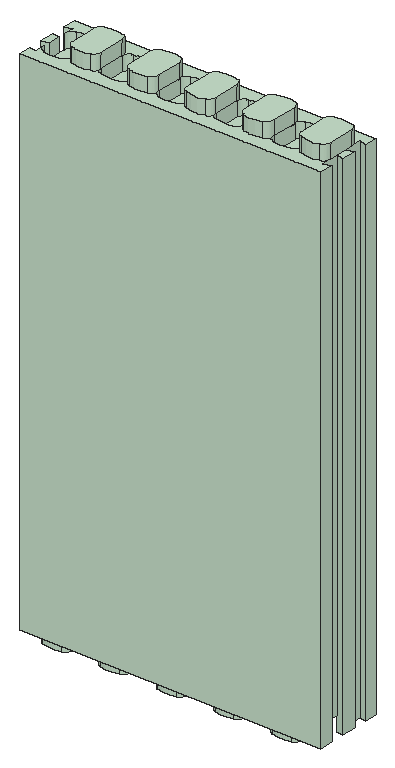
Revit family
Reference planes
  plane 1 "Center (Front/Back)": y = 0
  plane 2: z = 0
  plane 3 "Center (Left/Right)": x = 0
Forms (mm)
  Extrusion 1, solid, material "NUDURA Expanded Polystyrene Foam Insulation"
    sketch origin (-0.316, 0, 0) x (1, 0, 0) y (0, 1, 0)
      loop
        line (-50.8, 0) -> (215.9, 0) -> (215.9, 11.396) -> (209.55, 9.695) -> (209.55, 25.112) -> (215.9, 23.529) -> (215.9, 36.796) -> (209.55, 35.095) -> (209.55, 50.512) -> (215.9, 48.929) -> (215.9, 60.325) -> (-50.8, 60.325) -> (-50.8, 48.929) -> (-44.45, 50.63) -> (-44.45, 35.213) -> (-50.8, 36.796) -> (-50.8, 23.529) -> (-44.45, 25.23) -> (-44.45, 9.813) -> (-50.8, 11.396) -> (-50.8, 0)
    from 0 to 457.2
  Extrusion 2, void
    sketch origin (-0.713, 0, 0) x (1, 0, 0) y (0, 1, 0)
      loop
        arc (75.825, 50.506) -> (75.283, 49.316) -> (74.029, 48.946) r 1.575
        arc (74.029, 48.946) -> (67.927, 49.113) -> (61.943, 47.903) r 26.987
        arc (61.943, 47.903) -> (58.762, 45.597) -> (57.547, 41.861) r 6.35
        line (57.547, 41.861) -> (57.547, 18.464)
        arc (57.547, 18.464) -> (58.762, 14.728) -> (61.943, 12.422) r 6.35
        arc (61.943, 12.422) -> (70.247, 11.112) -> (78.551, 12.422) r 26.987
        arc (78.551, 12.422) -> (81.732, 14.728) -> (82.947, 18.464) r 6.35
        line (82.947, 18.464) -> (82.947, 41.861)
        arc (82.947, 41.861) -> (82.6, 43.93) -> (81.599, 45.773) r 6.35
        arc (81.599, 45.773) -> (81.35, 46.23) -> (81.265, 46.743) r 1.575
        line (81.265, 46.743) -> (81.265, 56.142) -> (75.825, 56.142) -> (75.825, 50.506)
    from 457.2 to 444.5
  Extrusion 3, void
    sketch origin (50.087, 0, 0) x (1, 0, 0) y (0, 1, 0)
      loop
        arc (75.825, 50.506) -> (75.283, 49.316) -> (74.029, 48.946) r 1.575
        arc (74.029, 48.946) -> (67.927, 49.113) -> (61.943, 47.903) r 26.987
        arc (61.943, 47.903) -> (58.762, 45.597) -> (57.547, 41.861) r 6.35
        line (57.547, 41.861) -> (57.547, 18.464)
        arc (57.547, 18.464) -> (58.762, 14.728) -> (61.943, 12.422) r 6.35
        arc (61.943, 12.422) -> (70.247, 11.112) -> (78.551, 12.422) r 26.987
        arc (78.551, 12.422) -> (81.732, 14.728) -> (82.947, 18.464) r 6.35
        line (82.947, 18.464) -> (82.947, 41.861)
        arc (82.947, 41.861) -> (82.6, 43.93) -> (81.599, 45.773) r 6.35
        arc (81.599, 45.773) -> (81.35, 46.23) -> (81.265, 46.743) r 1.575
        line (81.265, 46.743) -> (81.265, 56.142) -> (75.825, 56.142) -> (75.825, 50.506)
    from 457.2 to 444.5
  Extrusion 4, void
    sketch origin (-51.513, 0, 0) x (1, 0, 0) y (0, 1, 0)
      loop
        arc (75.825, 50.506) -> (75.283, 49.316) -> (74.029, 48.946) r 1.575
        arc (74.029, 48.946) -> (67.927, 49.113) -> (61.943, 47.903) r 26.987
        arc (61.943, 47.903) -> (58.762, 45.597) -> (57.547, 41.861) r 6.35
        line (57.547, 41.861) -> (57.547, 18.464)
        arc (57.547, 18.464) -> (58.762, 14.728) -> (61.943, 12.422) r 6.35
        arc (61.943, 12.422) -> (70.247, 11.112) -> (78.551, 12.422) r 26.987
        arc (78.551, 12.422) -> (81.732, 14.728) -> (82.947, 18.464) r 6.35
        line (82.947, 18.464) -> (82.947, 41.861)
        arc (82.947, 41.861) -> (82.6, 43.93) -> (81.599, 45.773) r 6.35
        arc (81.599, 45.773) -> (81.35, 46.23) -> (81.265, 46.743) r 1.575
        line (81.265, 46.743) -> (81.265, 56.142) -> (75.825, 56.142) -> (75.825, 50.506)
    from 457.2 to 444.5
  Extrusion 5, void
    sketch origin (-0.316, 0, 0) x (1, 0, 0) y (0, 1, 0)
      loop
        line (140.472, 50.506) -> (140.472, 56.142) -> (135.032, 56.142) -> (135.032, 46.743)
        arc (135.032, 46.743) -> (134.946, 46.23) -> (134.698, 45.773) r 1.575
        arc (134.698, 45.773) -> (133.696, 43.93) -> (133.35, 41.861) r 6.35
        line (133.35, 41.861) -> (133.35, 18.464)
        arc (133.35, 18.464) -> (134.565, 14.728) -> (137.746, 12.422) r 6.35
        arc (137.746, 12.422) -> (146.05, 11.112) -> (154.354, 12.422) r 26.987
        arc (154.354, 12.422) -> (157.535, 14.728) -> (158.75, 18.464) r 6.35
        line (158.75, 18.464) -> (158.75, 41.861)
        arc (158.75, 41.861) -> (157.535, 45.597) -> (154.354, 47.903) r 6.35
        arc (154.354, 47.903) -> (148.37, 49.113) -> (142.268, 48.946) r 26.987
        arc (142.268, 48.946) -> (141.014, 49.316) -> (140.472, 50.506) r 1.575
      loop
        line (89.672, 50.506) -> (89.672, 56.142) -> (84.232, 56.142) -> (84.232, 46.743)
        arc (84.232, 46.743) -> (84.146, 46.23) -> (83.898, 45.773) r 1.575
        arc (83.898, 45.773) -> (82.896, 43.93) -> (82.55, 41.861) r 6.35
        line (82.55, 41.861) -> (82.55, 18.464)
        arc (82.55, 18.464) -> (83.765, 14.728) -> (86.946, 12.422) r 6.35
        arc (86.946, 12.422) -> (95.25, 11.112) -> (103.554, 12.422) r 26.987
        arc (103.554, 12.422) -> (106.735, 14.728) -> (107.95, 18.464) r 6.35
        line (107.95, 18.464) -> (107.95, 41.861)
        arc (107.95, 41.861) -> (106.735, 45.597) -> (103.554, 47.903) r 6.35
        arc (103.554, 47.903) -> (97.57, 49.113) -> (91.468, 48.946) r 26.987
        arc (91.468, 48.946) -> (90.214, 49.316) -> (89.672, 50.506) r 1.575
      loop
        line (38.872, 50.506) -> (38.872, 56.142) -> (33.432, 56.142) -> (33.432, 46.743)
        arc (33.432, 46.743) -> (33.346, 46.23) -> (33.098, 45.773) r 1.575
        arc (33.098, 45.773) -> (32.096, 43.93) -> (31.75, 41.861) r 6.35
        line (31.75, 41.861) -> (31.75, 18.464)
        arc (31.75, 18.464) -> (32.965, 14.728) -> (36.146, 12.422) r 6.35
        arc (36.146, 12.422) -> (44.45, 11.112) -> (52.754, 12.422) r 26.987
        arc (52.754, 12.422) -> (55.935, 14.728) -> (57.15, 18.464) r 6.35
        line (57.15, 18.464) -> (57.15, 41.861)
        arc (57.15, 41.861) -> (55.935, 45.597) -> (52.754, 47.903) r 6.35
        arc (52.754, 47.903) -> (46.77, 49.113) -> (40.668, 48.946) r 26.987
        arc (40.668, 48.946) -> (39.414, 49.316) -> (38.872, 50.506) r 1.575
      loop
        line (-11.928, 50.506) -> (-11.928, 56.142) -> (-17.368, 56.142) -> (-17.368, 46.743)
        arc (-17.368, 46.743) -> (-17.454, 46.23) -> (-17.702, 45.773) r 1.575
        arc (-17.702, 45.773) -> (-18.704, 43.93) -> (-19.05, 41.861) r 6.35
        line (-19.05, 41.861) -> (-19.05, 18.464)
        arc (-19.05, 18.464) -> (-17.835, 14.728) -> (-14.654, 12.422) r 6.35
        arc (-14.654, 12.422) -> (-6.35, 11.112) -> (1.954, 12.422) r 26.987
        arc (1.954, 12.422) -> (5.135, 14.728) -> (6.35, 18.464) r 6.35
        line (6.35, 18.464) -> (6.35, 41.861)
        arc (6.35, 41.861) -> (5.135, 45.597) -> (1.954, 47.903) r 6.35
        arc (1.954, 47.903) -> (-4.03, 49.113) -> (-10.132, 48.946) r 26.987
        arc (-10.132, 48.946) -> (-11.386, 49.316) -> (-11.928, 50.506) r 1.575
      loop
        line (191.272, 50.506) -> (191.272, 56.142) -> (185.832, 56.142) -> (185.832, 46.743)
        arc (185.832, 46.743) -> (185.746, 46.23) -> (185.498, 45.773) r 1.575
        arc (185.498, 45.773) -> (184.496, 43.93) -> (184.15, 41.861) r 6.35
        line (184.15, 41.861) -> (184.15, 18.464)
        arc (184.15, 18.464) -> (185.365, 14.728) -> (188.546, 12.422) r 6.35
        arc (188.546, 12.422) -> (196.85, 11.112) -> (205.154, 12.422) r 26.987
        arc (205.154, 12.422) -> (208.335, 14.728) -> (209.55, 18.464) r 6.35
        line (209.55, 18.464) -> (209.55, 41.861)
        arc (209.55, 41.861) -> (208.335, 45.597) -> (205.154, 47.903) r 6.35
        arc (205.154, 47.903) -> (199.17, 49.113) -> (193.068, 48.946) r 26.987
        arc (193.068, 48.946) -> (191.814, 49.316) -> (191.272, 50.506) r 1.575
    from 0 to 12.7
  Extrusion 6, void
    sketch origin (100.887, 0, 0) x (1, 0, 0) y (0, 1, 0)
      loop
        arc (75.825, 50.506) -> (75.283, 49.316) -> (74.029, 48.946) r 1.575
        arc (74.029, 48.946) -> (67.927, 49.113) -> (61.943, 47.903) r 26.987
        arc (61.943, 47.903) -> (58.762, 45.597) -> (57.547, 41.861) r 6.35
        line (57.547, 41.861) -> (57.547, 18.464)
        arc (57.547, 18.464) -> (58.762, 14.728) -> (61.943, 12.422) r 6.35
        arc (61.943, 12.422) -> (70.247, 11.112) -> (78.551, 12.422) r 26.987
        arc (78.551, 12.422) -> (81.732, 14.728) -> (82.947, 18.464) r 6.35
        line (82.947, 18.464) -> (82.947, 41.861)
        arc (82.947, 41.861) -> (82.6, 43.93) -> (81.599, 45.773) r 6.35
        arc (81.599, 45.773) -> (81.35, 46.23) -> (81.265, 46.743) r 1.575
        line (81.265, 46.743) -> (81.265, 56.142) -> (75.825, 56.142) -> (75.825, 50.506)
    from 457.2 to 444.5
  Extrusion 7, void
    sketch origin (-102.313, 0, 0) x (1, 0, 0) y (0, 1, 0)
      loop
        arc (75.825, 50.506) -> (75.283, 49.316) -> (74.029, 48.946) r 1.575
        arc (74.029, 48.946) -> (67.927, 49.113) -> (61.943, 47.903) r 26.987
        arc (61.943, 47.903) -> (58.762, 45.597) -> (57.547, 41.861) r 6.35
        line (57.547, 41.861) -> (57.547, 18.464)
        arc (57.547, 18.464) -> (58.762, 14.728) -> (61.943, 12.422) r 6.35
        arc (61.943, 12.422) -> (70.247, 11.112) -> (78.551, 12.422) r 26.987
        arc (78.551, 12.422) -> (81.732, 14.728) -> (82.947, 18.464) r 6.35
        line (82.947, 18.464) -> (82.947, 41.861)
        arc (82.947, 41.861) -> (82.6, 43.93) -> (81.599, 45.773) r 6.35
        arc (81.599, 45.773) -> (81.35, 46.23) -> (81.265, 46.743) r 1.575
        line (81.265, 46.743) -> (81.265, 56.142) -> (75.825, 56.142) -> (75.825, 50.506)
    from 457.2 to 444.5
Cuts and joins
  Extrusion 2, Extrusion 3, Extrusion 4, Extrusion 5, Extrusion 6, Extrusion 7 cuts Extrusion 1
Lines and regions (mm)
  model lines
    curve 1: line (-19.366, 0, 0) -> (-19.366, 0, 457.2)
    curve 2: line (183.834, 0, 457.2) -> (183.834, 0, 0)
Dimensions and locks
  aligned and locked: level to plane 2
Nested families
  nested 1: "Capture Lugs" at (82.234, 142.875, 0), type "Capture Lugs"
  nested 2: "Interlock Tooth" at (31.434, 142.875, 0), type "Interlock Tooth"
  nested 3: "Interlock Tooth" at (82.234, 142.875, 0), type "Interlock Tooth"
  nested 4: "Interlock Tooth" at (133.034, 142.875, 0), type "Interlock Tooth"
  nested 5: "Interlock Tooth" at (107.634, 142.875, -469.9), type "Interlock Tooth"
  nested 6: "Interlock Tooth" at (56.834, 142.875, -469.9), type "Interlock Tooth"
  nested 7: "Interlock Tooth" at (6.034, 142.875, -469.9), type "Interlock Tooth"
  nested 8: "Interlock Tooth" at (158.434, 142.875, -469.9), type "Interlock Tooth"
  nested 9: "Interlock Tooth" at (-19.366, 142.875, 0), type "Interlock Tooth"
  nested 10: "Interlock Tooth" at (-44.766, 142.875, -469.9), type "Interlock Tooth"
  nested 11: "Interlock Tooth" at (183.834, 142.875, 0), type "Interlock Tooth"
  nested 12: "NUDURA Logo Diamond without Outside Line" at (-222.501, 0, 0), type "NUDURA Logo Diamond without Outside Line"
Definition of nested family "Capture Lugs"
  Reference planes
    plane 1 "Center (Front/Back)": y = 0
    plane 2: z = 0
    plane 3 "Center (Left/Right)": x = 0
  Forms (mm)
    Extrusion 1, solid, material "High Density Polystyrene"
      sketch origin (0, 0, 0) x (0, 1, 0) y (0, 0, 1)
        loop
          arc (-82.55, 0) -> (-81.817, 0.502) -> (-81.534, 1.344) r 1.397
          line (-81.534, 1.344) -> (-81.534, 449.4)
          arc (-81.534, 449.4) -> (-81.817, 450.243) -> (-82.55, 450.744) r 1.397
          line (-82.55, 450.744) -> (-82.55, 0)
      from 9.227 to -9.227
    Extrusion 2, solid, material "High Density Polystyrene"
      sketch origin (0, 0, 0) x (0, 1, 0) y (0, 0, 1)
        loop
          line (-81.534, 410.919) -> (-81.534, 380.439) -> (-68.834, 380.439) -> (-68.834, 410.919) -> (-81.534, 410.919)
        loop
          line (-81.534, 361.389) -> (-81.534, 330.909) -> (-68.834, 330.909) -> (-68.834, 361.389) -> (-81.534, 361.389)
        loop
          line (-81.534, 311.859) -> (-81.534, 281.379) -> (-68.834, 281.379) -> (-68.834, 311.859) -> (-81.534, 311.859)
        loop
          line (-81.534, 262.329) -> (-81.534, 234.897) -> (-68.834, 234.897) -> (-68.834, 262.329) -> (-81.534, 262.329)
        loop
          line (-81.534, 215.847) -> (-81.534, 188.415) -> (-68.834, 188.415) -> (-68.834, 215.847) -> (-81.534, 215.847)
        loop
          line (-81.534, 169.365) -> (-81.534, 138.885) -> (-68.834, 138.885) -> (-68.834, 169.365) -> (-81.534, 169.365)
        loop
          line (-81.534, 119.835) -> (-81.534, 89.355) -> (-68.834, 89.355) -> (-68.834, 119.835) -> (-81.534, 119.835)
        loop
          line (-81.534, 70.305) -> (-81.534, 39.825) -> (-68.834, 39.825) -> (-68.834, 70.305) -> (-81.534, 70.305)
      from 6.35 to -6.35
    Extrusion 3, void
      sketch origin (0, 0, 0) x (1, 0, 0) y (0, 1, 0)
        loop
          arc (-6.35, -70.929) -> (-5.736, -69.448) -> (-4.255, -68.834) r 2.095
          line (-4.255, -68.834) -> (-6.35, -68.834) -> (-6.35, -70.929)
      from 0 to 457.2
    Extrusion 4, void
      sketch origin (0, 0, 0) x (-1, 0, 0) y (0, -1, 0)
        loop
          line (-6.35, 70.929) -> (-6.35, 68.834) -> (-4.255, 68.834)
          arc (-4.255, 68.834) -> (-5.736, 69.448) -> (-6.35, 70.929) r 2.095
      from 0 to 457.2
    Extrusion 5, void
      sketch origin (0, 0, 0) x (1, 0, 0) y (0, 1, 0)
        loop
          arc (-1.191, -72.009) -> (0, -78.127) -> (1.191, -72.009) r 3.175
          line (1.191, -72.009) -> (1.191, -68.834) -> (-1.191, -68.834) -> (-1.191, -72.009)
      from 0 to 457.2
  Cuts and joins
    Extrusion 3, Extrusion 4 cuts Extrusion 1
    Extrusion 3, Extrusion 4, Extrusion 5 cuts Extrusion 2
Definition of nested family "Interlock Tooth"
  Reference planes
    plane 1 "Center (Front/Back)": y = 0
    plane 2: z = 0
    plane 3 "Center (Left/Right)": x = 0
    plane 4: z = 457.2
    plane 5: z = 469.9
    plane 6: z = -12.7
  Forms (mm)
    Extrusion 1, solid, material "NUDURA Expanded Polystyrene Foam Insulation"
      sketch origin (0, -225.425, 0) x (1, 0, 0) y (0, 1, 0)
        loop
          arc (0, 101.014) -> (1.215, 97.278) -> (4.396, 94.972) r 6.35
          arc (4.396, 94.972) -> (12.7, 93.663) -> (21.004, 94.972) r 26.988
          arc (21.004, 94.972) -> (24.185, 97.278) -> (25.4, 101.014) r 6.35
          line (25.4, 101.014) -> (25.4, 124.411)
          arc (25.4, 124.411) -> (24.185, 128.147) -> (21.004, 130.453) r 6.35
          arc (21.004, 130.453) -> (12.7, 131.763) -> (4.396, 130.453) r 26.987
          arc (4.396, 130.453) -> (1.215, 128.147) -> (0, 124.411) r 6.35
          line (0, 124.411) -> (0, 101.014)
      from 457.2 to 469.9
  Dimensions and locks
    locked: plane 4 to level at 457.2
    locked: plane 4 to plane 5 at 12.7
    locked: plane 6 to level at 12.7
Definition of nested family "NUDURA Logo Diamond without Outside Line"
  Reference planes
    plane 1 "Center (Front/Back)": y = 0
    plane 2: z = 0
    plane 3 "Center (Left/Right)": x = 0
  Lines and regions (mm)
    model lines
      curve 1: line (320.001, 0, 444.526) -> (311.021, 0, 453.507)
      curve 2: line (313.973, 0, 425.925) -> (320.001, 0, 431.954)
      curve 3: line (320.001, 0, 406.426) -> (313.973, 0, 412.455)
      curve 4: line (313.973, 0, 387.825) -> (320.001, 0, 393.854)
      curve 5: line (320.001, 0, 368.326) -> (313.973, 0, 374.355)
      curve 6: line (313.973, 0, 349.725) -> (320.001, 0, 355.754)
      curve 7: line (309.225, 0, 337.411) -> (322.887, 0, 323.749)
      curve 8: line (322.887, 0, 323.749) -> (324.683, 0, 325.545)
      curve 9: line (286.583, 0, 323.749) -> (300.245, 0, 337.411)
      curve 10: line (295.497, 0, 336.255) -> (284.787, 0, 325.545)
      curve 11: line (289.468, 0, 355.754) -> (295.497, 0, 349.725)
      curve 12: line (295.497, 0, 374.355) -> (289.468, 0, 368.326)
      curve 13: line (289.468, 0, 393.854) -> (295.497, 0, 387.825)
      curve 14: line (295.497, 0, 412.455) -> (289.468, 0, 406.426)
      curve 15: line (289.468, 0, 431.954) -> (295.497, 0, 425.925)
      curve 16: line (298.449, 0, 453.507) -> (289.468, 0, 444.526)
      curve 17: line (300.245, 0, 451.711) -> (291.265, 0, 442.73)
      curve 18: line (318.205, 0, 442.73) -> (309.225, 0, 451.711)
      curve 19: line (309.225, 0, 424.77) -> (318.205, 0, 433.75)
      curve 20: line (291.265, 0, 433.75) -> (300.245, 0, 424.77)
      curve 21: arc (289.468, 0, 444.526) -> (286.865, 0, 438.24) -> (289.468, 0, 431.954) r 8.89
      curve 22: arc (298.449, 0, 453.507) -> (304.735, 0, 456.111) -> (311.021, 0, 453.507) r 8.89
      curve 23: arc (291.265, 0, 442.73) -> (289.405, 0, 438.24) -> (291.265, 0, 433.75) r 6.35
      curve 24: arc (318.205, 0, 442.73) -> (320.065, 0, 438.24) -> (318.205, 0, 433.75) r 6.35
      curve 25: arc (309.225, 0, 424.77) -> (304.735, 0, 422.91) -> (300.245, 0, 424.77) r 6.35
      curve 26: arc (300.245, 0, 451.711) -> (304.735, 0, 453.571) -> (309.225, 0, 451.711) r 6.35
      curve 27: arc (320.001, 0, 444.526) -> (322.605, 0, 438.24) -> (320.001, 0, 431.954) r 8.89
      curve 28: arc (295.497, 0, 425.925) -> (298.287, 0, 419.19) -> (295.497, 0, 412.455) r 9.525
      curve 29: arc (313.973, 0, 425.925) -> (311.183, 0, 419.19) -> (313.973, 0, 412.455) r 9.525
      curve 30: line (313.973, 0, 387.825) -> (320.001, 0, 393.854)
      curve 31: line (289.468, 0, 393.854) -> (295.497, 0, 387.825)
      curve 32: line (300.245, 0, 413.611) -> (291.265, 0, 404.63)
      curve 33: line (318.205, 0, 404.63) -> (309.225, 0, 413.611)
      curve 34: line (309.225, 0, 386.67) -> (318.205, 0, 395.65)
      curve 35: line (291.265, 0, 395.65) -> (300.245, 0, 386.67)
      curve 36: arc (289.468, 0, 406.426) -> (286.865, 0, 400.14) -> (289.468, 0, 393.854) r 8.89
      curve 37: arc (291.265, 0, 404.63) -> (289.405, 0, 400.14) -> (291.265, 0, 395.65) r 6.35
      curve 38: arc (318.205, 0, 404.63) -> (320.065, 0, 400.14) -> (318.205, 0, 395.65) r 6.35
      curve 39: arc (309.225, 0, 386.67) -> (304.735, 0, 384.81) -> (300.245, 0, 386.67) r 6.35
      curve 40: arc (300.245, 0, 413.611) -> (304.735, 0, 415.471) -> (309.225, 0, 413.611) r 6.35
      curve 41: arc (320.001, 0, 406.426) -> (322.605, 0, 400.14) -> (320.001, 0, 393.854) r 8.89
      curve 42: line (295.497, 0, 412.455) -> (289.468, 0, 406.426)
      curve 43: line (320.001, 0, 406.426) -> (313.973, 0, 412.455)
      curve 44: arc (295.497, 0, 387.825) -> (298.287, 0, 381.09) -> (295.497, 0, 374.355) r 9.525
      curve 45: arc (313.973, 0, 387.825) -> (311.183, 0, 381.09) -> (313.973, 0, 374.355) r 9.525
      curve 46: line (313.973, 0, 349.725) -> (320.001, 0, 355.754)
      curve 47: line (289.468, 0, 355.754) -> (295.497, 0, 349.725)
      curve 48: line (300.245, 0, 375.511) -> (291.265, 0, 366.53)
      curve 49: line (318.205, 0, 366.53) -> (309.225, 0, 375.511)
      curve 50: line (309.225, 0, 348.57) -> (318.205, 0, 357.55)
      curve 51: line (291.265, 0, 357.55) -> (300.245, 0, 348.57)
      curve 52: arc (289.468, 0, 368.326) -> (286.865, 0, 362.04) -> (289.468, 0, 355.754) r 8.89
      curve 53: arc (291.265, 0, 366.53) -> (289.405, 0, 362.04) -> (291.265, 0, 357.55) r 6.35
      curve 54: arc (318.205, 0, 366.53) -> (320.065, 0, 362.04) -> (318.205, 0, 357.55) r 6.35
      curve 55: arc (309.225, 0, 348.57) -> (304.735, 0, 346.71) -> (300.245, 0, 348.57) r 6.35
      curve 56: arc (300.245, 0, 375.511) -> (304.735, 0, 377.371) -> (309.225, 0, 375.511) r 6.35
      curve 57: arc (320.001, 0, 368.326) -> (322.605, 0, 362.04) -> (320.001, 0, 355.754) r 8.89
      curve 58: line (295.497, 0, 374.355) -> (289.468, 0, 368.326)
      curve 59: arc (295.497, 0, 349.725) -> (298.287, 0, 342.99) -> (295.497, 0, 336.255) r 9.525
      curve 60: arc (313.973, 0, 349.725) -> (311.183, 0, 342.99) -> (313.973, 0, 336.255) r 9.525
      curve 61: line (324.683, 0, 325.545) -> (313.973, 0, 336.255)
      curve 62: line (284.787, 0, 325.545) -> (286.583, 0, 323.749)
      curve 63: arc (300.245, 0, 337.411) -> (304.735, 0, 339.271) -> (309.225, 0, 337.411) r 6.35
      curve 64: line (320.001, 0, 12.854) -> (311.021, 0, 3.874)
      curve 65: line (313.973, 0, 31.455) -> (320.001, 0, 25.426)
      curve 66: line (320.001, 0, 50.954) -> (313.973, 0, 44.925)
      curve 67: line (313.973, 0, 69.555) -> (320.001, 0, 63.526)
      curve 68: line (320.001, 0, 89.054) -> (313.973, 0, 83.025)
      curve 69: line (313.973, 0, 107.655) -> (320.001, 0, 101.626)
      curve 70: line (309.225, 0, 119.97) -> (322.887, 0, 133.632)
      curve 71: line (322.887, 0, 133.632) -> (324.683, 0, 131.836)
      curve 72: line (286.583, 0, 133.632) -> (300.245, 0, 119.97)
      curve 73: line (295.497, 0, 121.125) -> (284.787, 0, 131.836)
      curve 74: line (289.468, 0, 101.626) -> (295.497, 0, 107.655)
      curve 75: line (295.497, 0, 83.025) -> (289.468, 0, 89.054)
      curve 76: line (289.468, 0, 63.526) -> (295.497, 0, 69.555)
      curve 77: line (295.497, 0, 44.925) -> (289.468, 0, 50.954)
      curve 78: line (289.468, 0, 25.426) -> (295.497, 0, 31.455)
      curve 79: line (298.449, 0, 3.874) -> (289.468, 0, 12.854)
      curve 80: line (300.245, 0, 5.67) -> (291.265, 0, 14.65)
      curve 81: line (318.205, 0, 14.65) -> (309.225, 0, 5.67)
      curve 82: line (309.225, 0, 32.611) -> (318.205, 0, 23.63)
      curve 83: line (291.265, 0, 23.63) -> (300.245, 0, 32.611)
      curve 84: arc (289.468, 0, 12.854) -> (286.865, 0, 19.14) -> (289.468, 0, 25.426) r 8.89
      curve 85: arc (298.449, 0, 3.874) -> (304.735, 0, 1.27) -> (311.021, 0, 3.874) r 8.89
      curve 86: arc (291.265, 0, 14.65) -> (289.405, 0, 19.14) -> (291.265, 0, 23.63) r 6.35
      curve 87: arc (318.205, 0, 14.65) -> (320.065, 0, 19.14) -> (318.205, 0, 23.63) r 6.35
      curve 88: arc (309.225, 0, 32.611) -> (304.735, 0, 34.471) -> (300.245, 0, 32.611) r 6.35
      curve 89: arc (300.245, 0, 5.67) -> (304.735, 0, 3.81) -> (309.225, 0, 5.67) r 6.35
      curve 90: arc (320.001, 0, 12.854) -> (322.605, 0, 19.14) -> (320.001, 0, 25.426) r 8.89
      curve 91: arc (295.497, 0, 31.455) -> (298.287, 0, 38.19) -> (295.497, 0, 44.925) r 9.525
      curve 92: arc (313.973, 0, 31.455) -> (311.183, 0, 38.19) -> (313.973, 0, 44.925) r 9.525
      curve 93: line (313.973, 0, 69.555) -> (320.001, 0, 63.526)
      curve 94: line (289.468, 0, 63.526) -> (295.497, 0, 69.555)
      curve 95: line (300.245, 0, 43.77) -> (291.265, 0, 52.75)
      curve 96: line (318.205, 0, 52.75) -> (309.225, 0, 43.77)
      curve 97: line (309.225, 0, 70.711) -> (318.205, 0, 61.73)
      curve 98: line (291.265, 0, 61.73) -> (300.245, 0, 70.711)
      curve 99: arc (289.468, 0, 50.954) -> (286.865, 0, 57.24) -> (289.468, 0, 63.526) r 8.89
      curve 100: arc (291.265, 0, 52.75) -> (289.405, 0, 57.24) -> (291.265, 0, 61.73) r 6.35
      curve 101: arc (318.205, 0, 52.75) -> (320.065, 0, 57.24) -> (318.205, 0, 61.73) r 6.35
      curve 102: arc (309.225, 0, 70.711) -> (304.735, 0, 72.571) -> (300.245, 0, 70.711) r 6.35
      curve 103: arc (300.245, 0, 43.77) -> (304.735, 0, 41.91) -> (309.225, 0, 43.77) r 6.35
      curve 104: arc (320.001, 0, 50.954) -> (322.605, 0, 57.24) -> (320.001, 0, 63.526) r 8.89
      curve 105: line (295.497, 0, 44.925) -> (289.468, 0, 50.954)
      curve 106: line (320.001, 0, 50.954) -> (313.973, 0, 44.925)
      curve 107: arc (295.497, 0, 69.555) -> (298.287, 0, 76.29) -> (295.497, 0, 83.025) r 9.525
      curve 108: arc (313.973, 0, 69.555) -> (311.183, 0, 76.29) -> (313.973, 0, 83.025) r 9.525
      curve 109: line (313.973, 0, 107.655) -> (320.001, 0, 101.626)
      curve 110: line (289.468, 0, 101.626) -> (295.497, 0, 107.655)
      curve 111: line (300.245, 0, 81.87) -> (291.265, 0, 90.85)
      curve 112: line (318.205, 0, 90.85) -> (309.225, 0, 81.87)
      curve 113: line (309.225, 0, 108.811) -> (318.205, 0, 99.83)
      curve 114: line (291.265, 0, 99.83) -> (300.245, 0, 108.811)
      curve 115: arc (289.468, 0, 89.054) -> (286.865, 0, 95.34) -> (289.468, 0, 101.626) r 8.89
      curve 116: arc (291.265, 0, 90.85) -> (289.405, 0, 95.34) -> (291.265, 0, 99.83) r 6.35
      curve 117: arc (318.205, 0, 90.85) -> (320.065, 0, 95.34) -> (318.205, 0, 99.83) r 6.35
      curve 118: arc (309.225, 0, 108.811) -> (304.735, 0, 110.671) -> (300.245, 0, 108.811) r 6.35
      curve 119: arc (300.245, 0, 81.87) -> (304.735, 0, 80.01) -> (309.225, 0, 81.87) r 6.35
      curve 120: arc (320.001, 0, 89.054) -> (322.605, 0, 95.34) -> (320.001, 0, 101.626) r 8.89
      curve 121: line (295.497, 0, 83.025) -> (289.468, 0, 89.054)
      curve 122: arc (295.497, 0, 107.655) -> (298.287, 0, 114.39) -> (295.497, 0, 121.125) r 9.525
      curve 123: arc (313.973, 0, 107.655) -> (311.183, 0, 114.39) -> (313.973, 0, 121.125) r 9.525
      curve 124: line (324.683, 0, 131.836) -> (313.973, 0, 121.125)
      curve 125: line (284.787, 0, 131.836) -> (286.583, 0, 133.632)
      curve 126: arc (300.245, 0, 119.97) -> (304.735, 0, 118.11) -> (309.225, 0, 119.97) r 6.35
      curve 127: line (314.26, 0, 317.59) -> (295.21, 0, 317.59)
      curve 128: line (323.785, 0, 149.315) -> (323.785, 0, 308.065)
      curve 129: line (285.685, 0, 308.065) -> (285.685, 0, 149.315)
      curve 130: line (295.21, 0, 139.79) -> (314.26, 0, 139.79)
      curve 131: line (316.797, 0, 304.89) -> (305.798, 0, 311.24)
      curve 132: line (316.797, 0, 292.19) -> (316.797, 0, 304.89)
      curve 133: line (311.298, 0, 289.015) -> (316.797, 0, 292.19)
      curve 134: line (305.373, 0, 292.436) -> (311.298, 0, 289.015)
      curve 135: line (310.447, 0, 295.365) -> (305.373, 0, 292.436)
      curve 136: line (299.874, 0, 307.82) -> (310.447, 0, 301.715)
      curve 137: line (310.447, 0, 301.715) -> (310.447, 0, 295.365)
      curve 138: line (305.798, 0, 311.24) -> (299.874, 0, 307.82)
      curve 139: line (299.023, 0, 295.611) -> (304.097, 0, 298.54)
      curve 140: line (304.097, 0, 298.54) -> (298.172, 0, 301.961)
      curve 141: line (298.172, 0, 301.961) -> (292.673, 0, 298.786)
      curve 142: line (292.673, 0, 298.786) -> (292.673, 0, 286.086)
      curve 143: line (299.023, 0, 289.261) -> (299.023, 0, 295.611)
      curve 144: line (309.596, 0, 283.156) -> (299.023, 0, 289.261)
      curve 145: line (303.671, 0, 279.736) -> (309.596, 0, 283.156)
      curve 146: line (292.673, 0, 286.086) -> (303.671, 0, 279.736)
      curve 147: line (312.702, 0, 269.344) -> (296.768, 0, 272.912)
      curve 148: line (296.768, 0, 272.912) -> (296.768, 0, 267.036)
      curve 149: line (296.768, 0, 267.036) -> (308.089, 0, 264.517)
      curve 150: line (308.089, 0, 264.517) -> (296.768, 0, 260.949)
      curve 151: line (296.768, 0, 260.949) -> (296.768, 0, 251.084)
      curve 152: line (296.768, 0, 251.084) -> (309.138, 0, 248.314)
      curve 153: line (309.138, 0, 248.314) -> (309.138, 0, 247.516)
      curve 154: line (309.138, 0, 247.516) -> (301.281, 0, 248.991)
      curve 155: line (296.768, 0, 245.246) -> (296.768, 0, 237.71)
      curve 156: line (306.598, 0, 222.094) -> (306.598, 0, 228.599)
      curve 157: line (306.598, 0, 228.599) -> (296.768, 0, 230.786)
      curve 158: line (296.768, 0, 230.786) -> (296.768, 0, 215.343)
      curve 159: line (302.723, 0, 230.274) -> (312.702, 0, 228.039)
      curve 160: line (300.341, 0, 217.291) -> (300.341, 0, 223.486)
      curve 161: line (300.341, 0, 223.486) -> (306.598, 0, 222.094)
      curve 162: line (296.768, 0, 205.027) -> (296.768, 0, 197.49)
      curve 163: line (302.723, 0, 190.055) -> (310.162, 0, 188.389)
      curve 164: line (310.162, 0, 188.389) -> (310.162, 0, 176.633)
      curve 165: line (308.892, 0, 175.363) -> (307.868, 0, 175.363)
      curve 166: line (306.598, 0, 176.633) -> (306.598, 0, 180.004)
      curve 167: line (306.598, 0, 180.004) -> (307.868, 0, 179.719)
      curve 168: line (307.868, 0, 179.719) -> (307.868, 0, 186.3)
      curve 169: line (307.868, 0, 186.3) -> (296.768, 0, 188.785)
      curve 170: line (296.768, 0, 188.785) -> (296.768, 0, 182.205)
      curve 171: line (296.768, 0, 182.205) -> (304.058, 0, 180.572)
      curve 172: line (304.058, 0, 180.572) -> (304.058, 0, 177.654)
      curve 173: line (302.788, 0, 176.384) -> (296.768, 0, 176.384)
      curve 174: line (296.768, 0, 176.384) -> (296.768, 0, 164.003)
      curve 175: line (296.768, 0, 164.003) -> (299.284, 0, 162.219)
      curve 176: line (299.284, 0, 162.219) -> (299.284, 0, 153.715)
      curve 177: line (307.942, 0, 156.079) -> (301.824, 0, 160.418)
      curve 178: line (301.824, 0, 160.418) -> (301.824, 0, 154.409)
      curve 179: line (301.824, 0, 154.409) -> (307.942, 0, 156.079)
      curve 180: line (299.284, 0, 153.715) -> (296.768, 0, 153.028)
      curve 181: line (296.768, 0, 153.028) -> (296.768, 0, 146.14)
      curve 182: line (296.768, 0, 146.14) -> (312.702, 0, 150.491)
      curve 183: line (312.702, 0, 150.491) -> (312.702, 0, 159.713)
      curve 184: line (312.702, 0, 159.713) -> (298.767, 0, 169.594)
      curve 185: line (298.767, 0, 169.594) -> (302.342, 0, 169.594)
      curve 186: line (312.702, 0, 172.383) -> (312.702, 0, 193.945)
      curve 187: line (312.702, 0, 193.945) -> (302.326, 0, 196.268)
      curve 188: line (300.341, 0, 198.747) -> (300.341, 0, 201.381)
      curve 189: line (301.888, 0, 202.62) -> (312.702, 0, 200.199)
      curve 190: line (312.702, 0, 200.199) -> (312.702, 0, 206.628)
      curve 191: line (312.702, 0, 206.628) -> (306.843, 0, 207.728)
      curve 192: line (312.702, 0, 212.942) -> (312.702, 0, 227.241)
      curve 193: line (312.702, 0, 227.241) -> (309.138, 0, 228.034)
      curve 194: line (309.138, 0, 228.034) -> (309.138, 0, 217.291)
      curve 195: line (312.702, 0, 228.039) -> (312.702, 0, 234.164)
      curve 196: line (312.702, 0, 234.164) -> (302.326, 0, 236.488)
      curve 197: line (300.341, 0, 238.966) -> (300.341, 0, 241.6)
      curve 198: line (301.736, 0, 242.874) -> (312.702, 0, 240.418)
      curve 199: line (312.702, 0, 240.418) -> (312.702, 0, 253.611)
      curve 200: line (312.702, 0, 253.611) -> (302.429, 0, 255.912)
      curve 201: line (302.429, 0, 255.912) -> (312.702, 0, 259.27)
      curve 202: line (312.702, 0, 259.27) -> (312.702, 0, 269.344)
      curve 203: arc (296.768, 0, 245.246) -> (298.145, 0, 248.178) -> (301.281, 0, 248.991) r 3.81
      curve 204: arc (296.768, 0, 237.71) -> (298.44, 0, 232.946) -> (302.723, 0, 230.274) r 7.62
      curve 205: arc (300.842, 0, 208.826) -> (297.87, 0, 211.5) -> (296.768, 0, 215.343) r 7.251
      curve 206: arc (296.768, 0, 205.027) -> (297.979, 0, 207.812) -> (300.842, 0, 208.826) r 3.808
      curve 207: arc (296.768, 0, 197.49) -> (298.44, 0, 192.727) -> (302.723, 0, 190.055) r 7.62
      curve 208: arc (300.341, 0, 198.747) -> (300.898, 0, 197.159) -> (302.326, 0, 196.268) r 2.54
      curve 209: arc (300.341, 0, 201.381) -> (300.817, 0, 202.372) -> (301.888, 0, 202.62) r 1.27
      curve 210: arc (307.868, 0, 175.363) -> (306.969, 0, 175.735) -> (306.598, 0, 176.633) r 1.27
      curve 211: arc (308.892, 0, 175.363) -> (309.79, 0, 175.735) -> (310.162, 0, 176.633) r 1.27
      curve 212: arc (304.058, 0, 177.654) -> (303.686, 0, 176.756) -> (302.788, 0, 176.384) r 1.27
      curve 213: arc (302.342, 0, 169.594) -> (303.976, 0, 170.198) -> (304.826, 0, 171.718) r 2.516
      curve 214: arc (304.826, 0, 171.718) -> (309.07, 0, 168.432) -> (312.702, 0, 172.383) r 3.966
      curve 215: arc (306.843, 0, 207.728) -> (310.942, 0, 209.02) -> (312.702, 0, 212.942) r 5.249
      curve 216: arc (300.341, 0, 217.291) -> (304.739, 0, 212.893) -> (309.138, 0, 217.291) r 4.398
      curve 217: arc (300.341, 0, 238.966) -> (300.898, 0, 237.378) -> (302.326, 0, 236.488) r 2.54
      curve 218: arc (300.341, 0, 241.6) -> (300.886, 0, 242.648) -> (302.057, 0, 242.802) r 1.279
      curve 219: arc (285.685, 0, 308.065) -> (288.475, 0, 314.8) -> (295.21, 0, 317.59) r 9.525
      curve 220: arc (314.26, 0, 317.59) -> (320.995, 0, 314.8) -> (323.785, 0, 308.065) r 9.525
      curve 221: arc (285.685, 0, 149.315) -> (288.475, 0, 142.58) -> (295.21, 0, 139.79) r 9.525
      curve 222: arc (314.26, 0, 139.79) -> (320.995, 0, 142.58) -> (323.785, 0, 149.315) r 9.525
      curve 223: line (253.935, 0, 457.2) -> (253.935, 0, 0)
      curve 224: line (355.535, 0, 457.2) -> (355.535, 0, 0)
